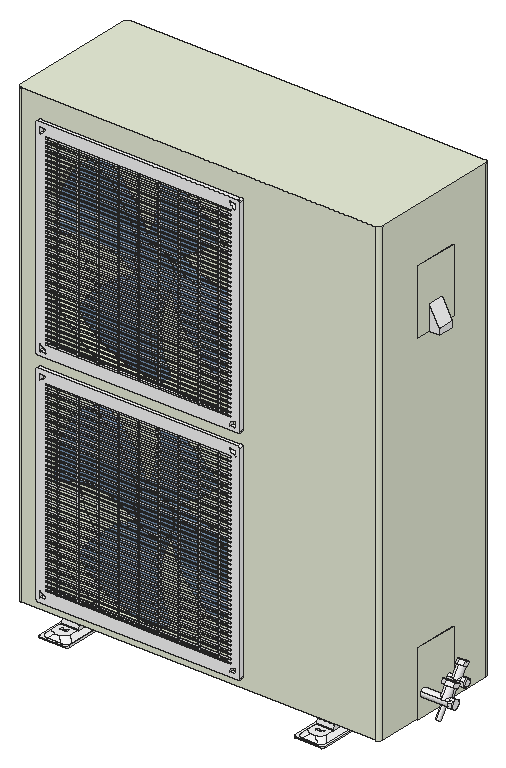
Revit family "SYSCOOL FLOOR 60 HP R, наружный  блок", category Оборудование, Revit 2019
Family settings
  Размер круглого соединителя = Использовать диаметр
  Тип детали = Нормальный
  Номер OmniClass = 23.75.00.00
  Заголовок OmniClass = Climate Control (HVAC)
  На основе рабочей плоскости = Нет
  Всегда вертикально = Да
  При загрузке вырезать с полостями = Нет
  Общий = Нет
  Точка расчета площади = Нет
Parameters (values of type "MODU-55HN1-R")
  clearance access right = 600.000 mm
  clearance access left = 300.000 mm
  clearance access front = 2000.000 mm
  clearance access behind = 300.000 mm
  clearance [instance] = no
  Width = 946.000 mm
  Series = ""
  Power supply = "380-415V,3Ph,50Hz"
  Net Weight = 99.70 kg
  Группа модели = "MODU-55HN1-R"
  Minimum Circuit Amps = 12.6 A
  Min cable selection (power wiring) = "5x2.5"
  Maximum Fuse Amps = 25 A
  Liquid pipe Radius = 0.5 * Liquid pipe  # 4.760 mm
  Liquid pipe = 9.520 mm
  Installation = "Outdoor installation"
  Height = 810.000 mm
  Heating Power Input = 0.00 kW
  Gas pipe Radius = 0.5 * Gas pipe  # 7.950 mm
  Gas pipe = 15.900 mm
  Gas = "R410A"
  Depth = 410.000 mm
  Cooling Power Input = 0.00 kW
  Condensation = ""
  Compressor = "1"
  Casing color = "SB2098"
  Air Flow = 3800.00 m³/h
Reference planes
  plane 1 "Center (Front/Back)": y = 0
  plane 2: z = 0
  plane 3 "Center (Left/Right)": x = 0
  plane 4: y = 170
  plane 5: x = -450
  plane 6: x = 450
  plane 7: z = 406.5
  plane 8: z = 300.608
  plane 9: z = 578.117
  plane 10: z = 1170
  plane 11: x = 535
  plane 12: x = -122.998
  plane 13: y = -180
  plane 14: y = -55
  plane 15: y = 55
  plane 16: y = -55
  plane 17: y = 55
Forms (mm)
  Extrusion 1, solid, material "Galvanized Steel", detail levels medium+fine
    sketch origin (-463, 0, 789) x (1, 0, 0) y (0, 1, 0)
      loop
        arc (23, 170) -> (15.929, 167.071) -> (13, 160) r 10
        line (13, 160) -> (13, -160)
        arc (13, -160) -> (15.929, -167.071) -> (23, -170) r 10
        line (23, -170) -> (903, -170)
        arc (903, -170) -> (910.071, -167.071) -> (913, -160) r 10
        line (913, -160) -> (913, 160)
        arc (913, 160) -> (910.071, 167.071) -> (903, 170) r 10
        line (903, 170) -> (23, 170)
    from -765 to 381
  Extrusion 2, void
    sketch origin (-20, 0, -100) x (1, 0, 0) y (0, 0, 1)
      loop
        circle (-122.999, 406.499) r 250
    from 58.354 to 277.34
  Extrusion 3, void
    sketch origin (0, 0, 0) x (0, 1, 0) y (0, 0, 1)
      loop
        line (-160, 592.5) -> (-160, 552.5) -> (-148.009, 552.5) -> (-130, 570.509) -> (-130, 592.5) -> (-160, 592.5)
    from 258.52 to 338.52
  Extrusion 4, void
    sketch origin (0, 0, 105) x (1, 0, 0) y (0, 0, 1)
      loop
        line (248.678, 292.949) -> (378.678, 292.949)
        arc (378.678, 292.949) -> (388.678, 302.949) -> (378.678, 312.949) r 10
        line (378.678, 312.949) -> (248.678, 312.949)
        arc (248.678, 312.949) -> (238.678, 302.949) -> (248.678, 292.949) r 10
    from 142.922 to 160
  Extrusion 5, void
    sketch origin (0, 0, -15) x (1, 0, 0) y (0, 0, 1)
      loop
        line (248.678, 292.949) -> (378.678, 292.949)
        arc (378.678, 292.949) -> (388.678, 302.949) -> (378.678, 312.949) r 10
        line (378.678, 312.949) -> (248.678, 312.949)
        arc (248.678, 312.949) -> (238.678, 302.949) -> (248.678, 292.949) r 10
    from 142.922 to 160
  Extrusion 6, void
    sketch origin (0, 0, -145) x (1, 0, 0) y (0, 0, 1)
      loop
        line (258.678, 272.949) -> (368.678, 272.949)
        arc (368.678, 272.949) -> (388.678, 292.949) -> (368.678, 312.949) r 20
        line (368.678, 312.949) -> (258.678, 312.949)
        arc (258.678, 312.949) -> (238.678, 292.949) -> (258.678, 272.949) r 20
    from 142.922 to 160
  Extrusion 7, void
    sketch origin (-20, 0, 450) x (1, 0, 0) y (0, 0, 1)
      loop
        circle (-122.999, 406.499) r 250
    from 58.354 to 277.34
  Extrusion 8, solid, material "Galvanized Steel", detail levels fine
    sketch origin (0, 0, 0) x (0, 1, 0) y (0, 0, 1)
      loop
        line (-55, 1035.722) -> (-55, 875.722) -> (55, 875.722) -> (55, 1035.722) -> (-55, 1035.722)
    from 450 to 454
  Extrusion 9, solid, material "HXL White", detail levels fine
    sketch origin (0, 0, 0) x (1, 0, 0) y (0, 0, 1)
      loop
        line (450, 875.722) -> (480, 875.722) -> (480, 890.722) -> (454, 938.222) -> (450, 938.222) -> (450, 875.722)
    from -19 to 20
  Extrusion 10, solid, material "Galvanized Steel", detail levels fine
    sketch origin (0, 0, -851.722) x (0, 1, 0) y (0, 0, 1)
      loop
        line (-55, 1035.722) -> (-55, 875.722) -> (55, 875.722) -> (55, 1035.722) -> (-55, 1035.722)
    from 450 to 454
Cuts and joins
  Extrusion 2, Extrusion 3, Extrusion 4, Extrusion 5, Extrusion 6, Extrusion 7 cuts Extrusion 1
Lines and regions (mm)
  model lines
    curve 1: line (440, 170, 1170) -> (-440, 170, 1170)
    curve 2: line (450, -160, 1170) -> (450, 160, 1170)
    curve 3: arc (440, -170, 1170) -> (447.071, -167.071, 1170) -> (450, -160, 1170) r 10
    curve 4: line (-440, -170, 1170) -> (440, -170, 1170)
    curve 5: arc (-450, -160, 1170) -> (-447.071, -167.071, 1170) -> (-440, -170, 1170) r 10
    curve 6: line (-450, 160, 1170) -> (-450, -160, 1170)
    curve 7: arc (-440, 170, 1170) -> (-447.071, 167.071, 1170) -> (-450, 160, 1170) r 10
    curve 8: line (-440, -170, 24) -> (440, -170, 24)
    curve 9: arc (440, -170, 24) -> (447.071, -167.071, 24) -> (450, -160, 24) r 10
    curve 10: line (450, -160, 24) -> (450, 160, 24)
    curve 11: arc (450, 160, 24) -> (447.071, 167.071, 24) -> (440, 170, 24) r 10
    curve 12: line (440, 170, 24) -> (-440, 170, 24)
    curve 13: arc (-440, 170, 24) -> (-447.071, 167.071, 24) -> (-450, 160, 24) r 10
    curve 14: line (-450, 160, 24) -> (-450, -160, 24)
    curve 15: arc (-450, -160, 24) -> (-447.071, -167.071, 24) -> (-440, -170, 24) r 10
    curve 56: arc (450, 160, 1170) -> (447.071, 167.071, 1170) -> (440, 170, 1170) r 10
    curve 57: line (188, -170.5, 1170) -> (408, -170.5, 1170)
  model lines, detail levels fine
    curve 16: line (199.722, -170, 166.246) -> (359.722, -170, 166.246)
    curve 17: line (199.722, -170, 201.246) -> (359.722, -170, 201.246)
    curve 18: arc (359.722, -170, 201.246) -> (377.222, -170, 183.746) -> (359.722, -170, 166.246) r 17.5
    curve 19: arc (199.722, -170, 201.246) -> (182.222, -170, 183.746) -> (199.722, -170, 166.246) r 17.5
    curve 20: line (199.722, -170, 246.246) -> (359.722, -170, 246.246)
    curve 21: line (199.722, -170, 281.246) -> (359.722, -170, 281.246)
    curve 22: arc (359.722, -170, 281.246) -> (377.222, -170, 263.746) -> (359.722, -170, 246.246) r 17.5
    curve 23: arc (199.722, -170, 281.246) -> (182.222, -170, 263.746) -> (199.722, -170, 246.246) r 17.5
    curve 24: line (199.722, -170, 326.246) -> (359.722, -170, 326.246)
    curve 25: line (199.722, -170, 361.246) -> (359.722, -170, 361.246)
    curve 26: arc (359.722, -170, 361.246) -> (377.222, -170, 343.746) -> (359.722, -170, 326.246) r 17.5
    curve 27: arc (199.722, -170, 361.246) -> (182.222, -170, 343.746) -> (199.722, -170, 326.246) r 17.5
    curve 28: line (199.722, -170, 406.246) -> (359.722, -170, 406.246)
    curve 29: line (199.722, -170, 441.246) -> (359.722, -170, 441.246)
    curve 30: arc (359.722, -170, 441.246) -> (377.222, -170, 423.746) -> (359.722, -170, 406.246) r 17.5
    curve 31: arc (199.722, -170, 441.246) -> (182.222, -170, 423.746) -> (199.722, -170, 406.246) r 17.5
    curve 32: line (199.722, -170, 486.246) -> (359.722, -170, 486.246)
    curve 33: line (199.722, -170, 521.246) -> (359.722, -170, 521.246)
    curve 34: arc (359.722, -170, 521.246) -> (377.222, -170, 503.746) -> (359.722, -170, 486.246) r 17.5
    curve 35: arc (199.722, -170, 521.246) -> (182.222, -170, 503.746) -> (199.722, -170, 486.246) r 17.5
    curve 36: line (199.722, -170, 566.246) -> (279.722, -170, 566.246)
    curve 37: line (199.722, -170, 601.246) -> (279.722, -170, 601.246)
    curve 38: arc (279.722, -170, 601.246) -> (297.222, -170, 583.746) -> (279.722, -170, 566.246) r 17.5
    curve 39: arc (199.722, -170, 601.246) -> (182.222, -170, 583.746) -> (199.722, -170, 566.246) r 17.5
    curve 40: line (199.722, -170, 646.246) -> (359.722, -170, 646.246)
    curve 41: line (199.722, -170, 681.246) -> (359.722, -170, 681.246)
    curve 42: arc (359.722, -170, 681.246) -> (377.222, -170, 663.746) -> (359.722, -170, 646.246) r 17.5
    curve 43: arc (199.722, -170, 681.246) -> (182.222, -170, 663.746) -> (199.722, -170, 646.246) r 17.5
    curve 44: line (199.722, -170, 726.246) -> (359.722, -170, 726.246)
    curve 45: line (199.722, -170, 761.246) -> (359.722, -170, 761.246)
    curve 46: arc (359.722, -170, 761.246) -> (377.222, -170, 743.746) -> (359.722, -170, 726.246) r 17.5
    curve 47: arc (199.722, -170, 761.246) -> (182.222, -170, 743.746) -> (199.722, -170, 726.246) r 17.5
    curve 48: line (377.222, -170, 596.246) -> (377.222, -170, 571.246)
    curve 49: line (312.222, -170, 601.246) -> (372.222, -170, 601.246)
    curve 50: line (312.222, -170, 566.246) -> (372.222, -170, 566.246)
    curve 51: line (307.222, -170, 596.246) -> (307.222, -170, 571.246)
    curve 52: arc (377.222, -170, 596.246) -> (375.757, -170, 599.782) -> (372.222, -170, 601.246) r 5
    curve 53: arc (377.222, -170, 571.246) -> (375.757, -170, 567.711) -> (372.222, -170, 566.246) r 5
    curve 54: arc (312.222, -170, 601.246) -> (308.686, -170, 599.782) -> (307.222, -170, 596.246) r 5
    curve 55: arc (307.222, -170, 571.246) -> (308.686, -170, 567.711) -> (312.222, -170, 566.246) r 5
Dimensions and locks
  aligned and locked: level to plane 2
Nested families
  nested 1: "xiaodijia2" at (318, 0, 0), type "xiaodijia2", detail levels medium+fine
  nested 2: "xiaodijia2" at (-318, 0.725, 0), type "xiaodijia2", detail levels medium+fine
  nested 3: "service space" at (-450, 170, 0), visible <- "clearance", type "Midea Service  Space"
    with Width 985.000 mm, Height 1170.000 mm, Depth 300.000 mm
  nested 4: "service space" at (535, -180, 0), visible <- "clearance", type "Midea Service  Space"
    with Width 600.000 mm, Height 1170.000 mm, Depth 350.000 mm
  nested 5: "service space" at (-750, -180, 0), visible <- "clearance", type "Midea Service  Space"
    with Width 300.000 mm, Height 1170.000 mm, Depth 350.000 mm
  nested 6: "service space" at (-450, -2180, 0), visible <- "clearance", type "Midea Service  Space"
    with Width 985.000 mm, Height 1170.000 mm, Depth 2000.000 mm
  nested 7: "fengkou521-506" at (-143, -180, 306.5) x (1, 0, 0) z (0, 1, 0), type "fengkou521-506", detail levels medium+fine
  nested 8: "fengshan270" at (-142.996, -100, 306.5) x (0, 0, 1) z (0, -1, 0), type "fengshan270", detail levels fine
  nested 9: "fengkou521-506" at (-143, -180, 856.5) x (1, 0, 0) z (0, 1, 0), type "fengkou521-506", detail levels medium+fine
  nested 10: "fengshan270" at (-142.996, -100, 856.5) x (0, 0, 1) z (0, -1, 0), type "fengshan270", detail levels fine
  nested 11: "guan_HXL" at (495, -40, 80) x (0, 0.866, -0.5) z (0, 0.5, 0.866), type "guan_HXL", detail levels fine
    with luomukuandu2 30.000 mm, luomukuandu 20.000 mm, luomuhoudu2 10.000 mm, luomuhoudu 10.000 mm, diameter2 20.000 mm, diameter 20.000 mm, Length2 40.000 mm, Length 85.000 mm
  nested 12: "guan_HXL" at (460, 40, 80) x (0, -0.866, 0.5) z (0, 0.5, 0.866), type "guan_HXL", detail levels fine
    with luomukuandu2 20.000 mm, luomukuandu 20.000 mm, luomuhoudu2 10.000 mm, luomuhoudu 10.000 mm, diameter2 18.000 mm, diameter 15.000 mm, Length2 40.000 mm, Length 50.000 mm
Connectors
  piping at (500, 40, 80), diameter 15
    settings: on nested 12, index 1, connector inside diameter 0.59055", connector length 0.000 mm, flow factor 0, pipe flow 0 GPM, pressure drop 0.00 psi, fitting loss kfactor 0, connector angle 0.00°, fixture units 0, engagement length 0.000 mm, angle of deflection 0.00°, flow configuration 0, flow direction 0, fitting loss method 0, system type 7, joint type 0, gender type 0, connector reference index -1, connector utility 0, adjustable connector no, is connector primary yes, connector description ""
  piping at (535, -40, 80), diameter 20
    settings: on nested 11, index 2, connector inside diameter 0.7874", connector length 0.000 mm, flow factor 0, pipe flow 0 GPM, pressure drop 0.00 psi, fitting loss kfactor 0, connector angle 0.00°, fixture units 0, engagement length 0.000 mm, angle of deflection 0.00°, flow configuration 0, flow direction 0, fitting loss method 0, system type 7, joint type 0, gender type 0, connector reference index -1, connector utility 0, adjustable connector no, is connector primary no, connector description ""
  electrical at (450, 0, 955.722)
    settings: on Extrusion 8, index 3, voltage 380 V, apparent load 0 VA, apparent load phase1 0 VA, apparent load phase2 0 VA, apparent load phase3 0 VA, power factor 1, load classification "HVAC", number of poles 1, system type 30, power factor state 1, is connector primary yes, connector utility no, sub classification motor no, connector description ""
Definition of nested family "xiaodijia2"
  Reference planes
    plane 1 "Center (Front/Back)": y = 0
    plane 2: z = 0
    plane 3 "Center (Left/Right)": x = 0
    plane 4: y = 227
    plane 5: x = -36.5
    plane 6: x = 36.5
    plane 7: z = 12
    plane 8: z = 3
    plane 9: z = 24
    plane 10: y = -20
    plane 11: y = 20
    plane 12: x = 21.5
    plane 13: x = -21.5
    plane 14: y = 190
    plane 15: y = -190
    plane 16: x = -6
    plane 17: x = 6
    plane 18: y = -186
    plane 19: y = -194
  Forms (mm)
    Blend 1, solid
      base sketch origin (0, 0, 0) x (1, 0, 0) y (0, 1, 0)
        loop
          line (6.5, 212) -> (-6.5, 212)
          arc (-6.5, 212) -> (-17.107, 207.607) -> (-21.5, 197) r 15
          line (-21.5, 197) -> (-21.5, -197)
          arc (-21.5, -197) -> (-17.107, -207.607) -> (-6.5, -212) r 15
          line (-6.5, -212) -> (6.5, -212)
          arc (6.5, -212) -> (17.107, -207.607) -> (21.5, -197) r 15
          line (21.5, -197) -> (21.5, 197)
          arc (21.5, 197) -> (17.107, 207.607) -> (6.5, 212) r 15
      top sketch origin (0, 0, 0) x (1, 0, 0) y (0, 1, 0)
        loop
          line (26.5, 222) -> (-26.5, 222)
          arc (-26.5, 222) -> (-30.036, 220.536) -> (-31.5, 217) r 5
          line (-31.5, 217) -> (-31.5, -207)
          arc (-31.5, -207) -> (-27.107, -217.607) -> (-16.5, -222) r 15
          line (-16.5, -222) -> (16.5, -222)
          arc (16.5, -222) -> (27.107, -217.607) -> (31.5, -207) r 15
          line (31.5, -207) -> (31.5, 217)
          arc (31.5, 217) -> (30.036, 220.536) -> (26.5, 222) r 5
      from 12 to 3
    Blend 2, void
      base sketch origin (0, 0, 0) x (1, 0, 0) y (0, 1, 0)
        loop
          line (6.5, 202) -> (-6.5, 202)
          arc (-6.5, 202) -> (-10.036, 200.536) -> (-11.5, 197) r 5
          line (-11.5, 197) -> (-11.5, -197)
          arc (-11.5, -197) -> (-10.036, -200.536) -> (-6.5, -202) r 5
          line (-6.5, -202) -> (6.5, -202)
          arc (6.5, -202) -> (10.036, -200.536) -> (11.5, -197) r 5
          line (11.5, -197) -> (11.5, 197)
          arc (11.5, 197) -> (10.036, 200.536) -> (6.5, 202) r 5
      top sketch origin (0, 0, 0) x (1, 0, 0) y (0, 1, 0)
        loop
          line (31.5, -207) -> (31.5, 217)
          arc (31.5, 217) -> (30.036, 220.536) -> (26.5, 222) r 5
          line (26.5, 222) -> (-26.5, 222)
          arc (-26.5, 222) -> (-30.036, 220.536) -> (-31.5, 217) r 5
          line (-31.5, 217) -> (-31.5, -207)
          arc (-31.5, -207) -> (-27.107, -217.607) -> (-16.5, -222) r 15
          line (-16.5, -222) -> (16.5, -222)
          arc (16.5, -222) -> (27.107, -217.607) -> (31.5, -207) r 15
      from 8.355 to 3
    Extrusion 3, solid
      sketch origin (0, 0, 0) x (1, 0, 0) y (0, 1, 0)
        loop
          arc (-31.5, 227) -> (-35.036, 225.536) -> (-36.5, 222) r 5
          line (-36.5, 222) -> (-36.5, -222)
          arc (-36.5, -222) -> (-35.036, -225.536) -> (-31.5, -227) r 5
          line (-31.5, -227) -> (31.5, -227)
          arc (31.5, -227) -> (35.036, -225.536) -> (36.5, -222) r 5
          line (36.5, -222) -> (36.5, 222)
          arc (36.5, 222) -> (35.036, 225.536) -> (31.5, 227) r 5
          line (31.5, 227) -> (-31.5, 227)
        loop
          arc (-26.5, 222) -> (-30.036, 220.536) -> (-31.5, 217) r 5
          line (-31.5, 217) -> (-31.5, -207)
          arc (-31.5, -207) -> (-27.107, -217.607) -> (-16.5, -222) r 15
          line (-16.5, -222) -> (16.5, -222)
          arc (16.5, -222) -> (27.107, -217.607) -> (31.5, -207) r 15
          line (31.5, -207) -> (31.5, 217)
          arc (31.5, 217) -> (30.036, 220.536) -> (26.5, 222) r 5
          line (26.5, 222) -> (-26.5, 222)
      from 0 to 3
    Extrusion 4, solid
      sketch origin (0, 0, 0) x (0, 1, 0) y (0, 0, 1)
        loop
          arc (-19.275, 24) -> (-19.902, 23.667) -> (-20.264, 23.056) r 1.312
          line (-20.264, 23.056) -> (-22.833, 13.434)
          arc (-22.833, 13.434) -> (-23.437, 12.605) -> (-24.266, 12) r 3.318
          line (-24.266, 12) -> (24.266, 12)
          arc (24.266, 12) -> (23.437, 12.605) -> (22.833, 13.434) r 3.318
          line (22.833, 13.434) -> (20.264, 23.056)
          arc (20.264, 23.056) -> (19.902, 23.667) -> (19.275, 24) r 1.312
          line (19.275, 24) -> (-19.275, 24)
      from -21.5 to 21.5
    Extrusion 5, solid
      sketch origin (0, 150, 0) x (0, 1, 0) y (0, 0, 1)
        loop
          arc (-19.275, 24) -> (-19.902, 23.667) -> (-20.264, 23.056) r 1.312
          line (-20.264, 23.056) -> (-22.833, 13.434)
          arc (-22.833, 13.434) -> (-23.437, 12.605) -> (-24.266, 12) r 3.318
          line (-24.266, 12) -> (24.266, 12)
          arc (24.266, 12) -> (23.437, 12.605) -> (22.833, 13.434) r 3.318
          line (22.833, 13.434) -> (20.264, 23.056)
          arc (20.264, 23.056) -> (19.902, 23.667) -> (19.275, 24) r 1.312
          line (19.275, 24) -> (-19.275, 24)
      from -21.5 to 21.5
    Extrusion 6, solid
      sketch origin (0, -150, 0) x (0, 1, 0) y (0, 0, 1)
        loop
          arc (-19.275, 24) -> (-19.902, 23.667) -> (-20.264, 23.056) r 1.312
          line (-20.264, 23.056) -> (-22.833, 13.434)
          arc (-22.833, 13.434) -> (-23.437, 12.605) -> (-24.266, 12) r 3.318
          line (-24.266, 12) -> (24.266, 12)
          arc (24.266, 12) -> (23.437, 12.605) -> (22.833, 13.434) r 3.318
          line (22.833, 13.434) -> (20.264, 23.056)
          arc (20.264, 23.056) -> (19.902, 23.667) -> (19.275, 24) r 1.312
          line (19.275, 24) -> (-19.275, 24)
      from -21.5 to 21.5
    Extrusion 7, void
      sketch origin (0, 0, 0) x (1, 0, 0) y (0, 1, 0)
        loop
          arc (-6, -186) -> (-10, -190) -> (-6, -194) r 4
          line (-6, -194) -> (6, -194)
          arc (6, -194) -> (10, -190) -> (6, -186) r 4
          line (6, -186) -> (-6, -186)
        loop
          line (-6, 186) -> (6, 186)
          arc (6, 186) -> (10, 190) -> (6, 194) r 4
          line (6, 194) -> (-6, 194)
          arc (-6, 194) -> (-10, 190) -> (-6, 186) r 4
      from 0 to 20
  Cuts and joins
    Blend 2, Extrusion 7 cuts Blend 1
  Dimensions and locks
    aligned and locked: level to plane 2
Definition of nested family "service space"
  Parameters
    Width [instance] = 500.000 mm
    Height [instance] = 500.000 mm
    Depth [instance] = 500.000 mm
  Reference planes
    plane 1 "Center (Front/Back)": y = 0
    plane 2: z = 0
    plane 3 "Center (Left/Right)": x = 0
    plane 4: z = 500
    plane 5: y = 500
    plane 6: x = 500
  Forms (mm)
    Extrusion 1, solid
      sketch origin (0, 0, 0) x (1, 0, 0) y (0, 1, 0)
        loop
          line (0, 500) -> (0, 0) -> (500, 0) -> (500, 500) -> (0, 500)
      from 0 to 500
  Dimensions and locks
    "Width": plane 3 "Center (Left/Right)" to plane 6
    "Depth": plane 5 to plane 1 "Center (Front/Back)"
    "Height": level to plane 4
    aligned and locked: level to plane 2
    aligned and locked: plane 5 to Extrusion 1
    aligned and locked: Extrusion 1 to plane 6
    aligned and locked: Extrusion 1 to plane 3 "Center (Left/Right)"
    aligned and locked: plane 1 "Center (Front/Back)" to Extrusion 1
    aligned and locked: Extrusion 1 to plane 4
  Automatic sketch dimensions
    Extrusion 1 sketch curve to plane 3 "Center (Left/Right)" = 0.000 mm
    plane 1 "Center (Front/Back)" to Extrusion 1 sketch curve = 0.000 mm
    Extrusion 1 sketch curve to plane 6 = 0.000 mm
    Extrusion 1 sketch curve to plane 5 = 0.000 mm
Definition of nested family "fengkou521-506"
  Parameters
    Series = ""
    Machine material = none
    Installation = ""
    Gas = ""
    Condensation = ""
  Reference planes
    plane 1 "Center (Front/Back)": y = 0
    plane 2: z = 0
    plane 3 "Center (Left/Right)": x = 0
    plane 4: y = 260.5
    plane 5: y = -260.5
    plane 6: x = -254
    plane 7: x = 254
  Forms (mm)
    Extrusion 1, solid, material <- "Machine material"
      sketch origin (0, 0, 0) x (1, 0, 0) y (0, 1, 0)
        loop
          arc (-249, 260.5) -> (-252.536, 259.036) -> (-254, 255.5) r 5
          line (-254, 255.5) -> (-254, -255.5)
          arc (-254, -255.5) -> (-252.536, -259.036) -> (-249, -260.5) r 5
          line (-249, -260.5) -> (249, -260.5)
          arc (249, -260.5) -> (252.536, -259.036) -> (254, -255.5) r 5
          line (254, -255.5) -> (254, 255.5)
          arc (254, 255.5) -> (252.536, 259.036) -> (249, 260.5) r 5
          line (249, 260.5) -> (-249, 260.5)
        loop
          line (224, 230.5) -> (-224, 230.5) -> (-224, -230.5) -> (224, -230.5) -> (224, 230.5)
      from 0 to 10
    Extrusion 2, solid, material <- "Machine material"
      sketch origin (0, 0, 0) x (0, -1, 0) y (1, 0, 0)
        loop
          line (-1.5, 230.5) -> (-1.5, -230.5) -> (1.5, -230.5) -> (1.5, 230.5) -> (-1.5, 230.5)
      from 0 to 2
    Extrusion 3, solid, material <- "Machine material"
      sketch origin (50, 0, 0) x (1, 0, 0) y (0, 1, 0)
        loop
          line (-1.5, 230.5) -> (-1.5, -230.5) -> (1.5, -230.5) -> (1.5, 230.5) -> (-1.5, 230.5)
      from 0 to 2
    Extrusion 4, solid, material <- "Machine material"
      sketch origin (100, 0, 0) x (1, 0, 0) y (0, 1, 0)
        loop
          line (-1.5, 230.5) -> (-1.5, -230.5) -> (1.5, -230.5) -> (1.5, 230.5) -> (-1.5, 230.5)
      from 0 to 2
    Extrusion 5, solid, material <- "Machine material"
      sketch origin (150, 0, 0) x (1, 0, 0) y (0, 1, 0)
        loop
          line (-1.5, 230.5) -> (-1.5, -230.5) -> (1.5, -230.5) -> (1.5, 230.5) -> (-1.5, 230.5)
      from 0 to 2
    Extrusion 6, solid, material <- "Machine material"
      sketch origin (200, 0, 0) x (1, 0, 0) y (0, 1, 0)
        loop
          line (-1.5, 230.5) -> (-1.5, -230.5) -> (1.5, -230.5) -> (1.5, 230.5) -> (-1.5, 230.5)
      from 0 to 2
    Extrusion 7, solid, material <- "Machine material"
      sketch origin (-50, 0, 0) x (-1, 0, 0) y (0, -1, 0)
        loop
          line (-1.5, -230.5) -> (1.5, -230.5) -> (1.5, 230.5) -> (-1.5, 230.5) -> (-1.5, -230.5)
      from 0 to 2
    Extrusion 8, solid, material <- "Machine material"
      sketch origin (-100, 0, 0) x (-1, 0, 0) y (0, -1, 0)
        loop
          line (-1.5, -230.5) -> (1.5, -230.5) -> (1.5, 230.5) -> (-1.5, 230.5) -> (-1.5, -230.5)
      from 0 to 2
    Extrusion 9, solid, material <- "Machine material"
      sketch origin (-150, 0, 0) x (-1, 0, 0) y (0, -1, 0)
        loop
          line (-1.5, -230.5) -> (1.5, -230.5) -> (1.5, 230.5) -> (-1.5, 230.5) -> (-1.5, -230.5)
      from 0 to 2
    Extrusion 10, solid, material <- "Machine material"
      sketch origin (-200, 0, 0) x (-1, 0, 0) y (0, -1, 0)
        loop
          line (-1.5, -230.5) -> (1.5, -230.5) -> (1.5, 230.5) -> (-1.5, 230.5) -> (-1.5, -230.5)
      from 0 to 2
    Extrusion 11, solid, material <- "Machine material"
      sketch origin (0, 0, 0) x (1, 0, 0) y (0, 1, 0)
        loop
          line (-1.5, 230.5) -> (-1.5, -230.5) -> (1.5, -230.5) -> (1.5, 230.5) -> (-1.5, 230.5)
      from 0 to 2
    Extrusion 12, solid, material <- "Machine material"
      sketch origin (0, 10, 0) x (0, -1, 0) y (1, 0, 0)
        loop
          line (-1.5, 230.5) -> (-1.5, -230.5) -> (1.5, -230.5) -> (1.5, 230.5) -> (-1.5, 230.5)
      from 0 to 2
    Extrusion 13, solid, material <- "Machine material"
      sketch origin (0, 20, 0) x (0, -1, 0) y (1, 0, 0)
        loop
          line (-1.5, 230.5) -> (-1.5, -230.5) -> (1.5, -230.5) -> (1.5, 230.5) -> (-1.5, 230.5)
      from 0 to 2
    Extrusion 14, solid, material <- "Machine material"
      sketch origin (0, 30, 0) x (0, -1, 0) y (1, 0, 0)
        loop
          line (-1.5, 230.5) -> (-1.5, -230.5) -> (1.5, -230.5) -> (1.5, 230.5) -> (-1.5, 230.5)
      from 0 to 2
    Extrusion 15, solid, material <- "Machine material"
      sketch origin (0, 40, 0) x (0, -1, 0) y (1, 0, 0)
        loop
          line (-1.5, 230.5) -> (-1.5, -230.5) -> (1.5, -230.5) -> (1.5, 230.5) -> (-1.5, 230.5)
      from 0 to 2
    Extrusion 16, solid, material <- "Machine material"
      sketch origin (0, 50, 0) x (0, -1, 0) y (1, 0, 0)
        loop
          line (-1.5, 230.5) -> (-1.5, -230.5) -> (1.5, -230.5) -> (1.5, 230.5) -> (-1.5, 230.5)
      from 0 to 2
    Extrusion 17, solid, material <- "Machine material"
      sketch origin (0, 60, 0) x (0, -1, 0) y (1, 0, 0)
        loop
          line (-1.5, 230.5) -> (-1.5, -230.5) -> (1.5, -230.5) -> (1.5, 230.5) -> (-1.5, 230.5)
      from 0 to 2
    Extrusion 18, solid, material <- "Machine material"
      sketch origin (0, 70, 0) x (0, -1, 0) y (1, 0, 0)
        loop
          line (-1.5, 230.5) -> (-1.5, -230.5) -> (1.5, -230.5) -> (1.5, 230.5) -> (-1.5, 230.5)
      from 0 to 2
    Extrusion 19, solid, material <- "Machine material"
      sketch origin (0, 80, 0) x (0, -1, 0) y (1, 0, 0)
        loop
          line (-1.5, 230.5) -> (-1.5, -230.5) -> (1.5, -230.5) -> (1.5, 230.5) -> (-1.5, 230.5)
      from 0 to 2
    Extrusion 20, solid, material <- "Machine material"
      sketch origin (0, 90, 0) x (0, -1, 0) y (1, 0, 0)
        loop
          line (-1.5, 230.5) -> (-1.5, -230.5) -> (1.5, -230.5) -> (1.5, 230.5) -> (-1.5, 230.5)
      from 0 to 2
    Extrusion 21, solid, material <- "Machine material"
      sketch origin (0, 100, 0) x (0, -1, 0) y (1, 0, 0)
        loop
          line (-1.5, 230.5) -> (-1.5, -230.5) -> (1.5, -230.5) -> (1.5, 230.5) -> (-1.5, 230.5)
      from 0 to 2
    Extrusion 22, solid, material <- "Machine material"
      sketch origin (0, 110, 0) x (0, -1, 0) y (1, 0, 0)
        loop
          line (-1.5, 230.5) -> (-1.5, -230.5) -> (1.5, -230.5) -> (1.5, 230.5) -> (-1.5, 230.5)
      from 0 to 2
    Extrusion 23, solid, material <- "Machine material"
      sketch origin (0, 120, 0) x (0, -1, 0) y (1, 0, 0)
        loop
          line (-1.5, 230.5) -> (-1.5, -230.5) -> (1.5, -230.5) -> (1.5, 230.5) -> (-1.5, 230.5)
      from 0 to 2
    Extrusion 24, solid, material <- "Machine material"
      sketch origin (0, 130, 0) x (0, -1, 0) y (1, 0, 0)
        loop
          line (-1.5, 230.5) -> (-1.5, -230.5) -> (1.5, -230.5) -> (1.5, 230.5) -> (-1.5, 230.5)
      from 0 to 2
    Extrusion 25, solid, material <- "Machine material"
      sketch origin (0, 140, 0) x (0, -1, 0) y (1, 0, 0)
        loop
          line (-1.5, 230.5) -> (-1.5, -230.5) -> (1.5, -230.5) -> (1.5, 230.5) -> (-1.5, 230.5)
      from 0 to 2
    Extrusion 26, solid, material <- "Machine material"
      sketch origin (0, 150, 0) x (0, -1, 0) y (1, 0, 0)
        loop
          line (-1.5, 230.5) -> (-1.5, -230.5) -> (1.5, -230.5) -> (1.5, 230.5) -> (-1.5, 230.5)
      from 0 to 2
    Extrusion 27, solid, material <- "Machine material"
      sketch origin (0, 160, 0) x (0, -1, 0) y (1, 0, 0)
        loop
          line (-1.5, 230.5) -> (-1.5, -230.5) -> (1.5, -230.5) -> (1.5, 230.5) -> (-1.5, 230.5)
      from 0 to 2
    Extrusion 28, solid, material <- "Machine material"
      sketch origin (0, 170, 0) x (0, -1, 0) y (1, 0, 0)
        loop
          line (-1.5, 230.5) -> (-1.5, -230.5) -> (1.5, -230.5) -> (1.5, 230.5) -> (-1.5, 230.5)
      from 0 to 2
    Extrusion 29, solid, material <- "Machine material"
      sketch origin (0, 180, 0) x (0, -1, 0) y (1, 0, 0)
        loop
          line (-1.5, 230.5) -> (-1.5, -230.5) -> (1.5, -230.5) -> (1.5, 230.5) -> (-1.5, 230.5)
      from 0 to 2
    Extrusion 30, solid, material <- "Machine material"
      sketch origin (0, 190, 0) x (0, -1, 0) y (1, 0, 0)
        loop
          line (-1.5, 230.5) -> (-1.5, -230.5) -> (1.5, -230.5) -> (1.5, 230.5) -> (-1.5, 230.5)
      from 0 to 2
    Extrusion 31, solid, material <- "Machine material"
      sketch origin (0, 200, 0) x (0, -1, 0) y (1, 0, 0)
        loop
          line (-1.5, 230.5) -> (-1.5, -230.5) -> (1.5, -230.5) -> (1.5, 230.5) -> (-1.5, 230.5)
      from 0 to 2
    Extrusion 32, solid, material <- "Machine material"
      sketch origin (0, 210, 0) x (0, -1, 0) y (1, 0, 0)
        loop
          line (-1.5, 230.5) -> (-1.5, -230.5) -> (1.5, -230.5) -> (1.5, 230.5) -> (-1.5, 230.5)
      from 0 to 2
    Extrusion 33, solid, material <- "Machine material"
      sketch origin (0, 220, 0) x (0, -1, 0) y (1, 0, 0)
        loop
          line (-1.5, 230.5) -> (-1.5, -230.5) -> (1.5, -230.5) -> (1.5, 230.5) -> (-1.5, 230.5)
      from 0 to 2
    Extrusion 34, solid, material <- "Machine material"
      sketch origin (0, 230, 0) x (0, -1, 0) y (1, 0, 0)
        loop
          line (-1.5, 230.5) -> (-1.5, -230.5) -> (1.5, -230.5) -> (1.5, 230.5) -> (-1.5, 230.5)
      from 0 to 2
    Extrusion 35, solid, material <- "Machine material"
      sketch origin (0, -10, 0) x (0, 1, 0) y (-1, 0, 0)
        loop
          line (-1.5, -230.5) -> (1.5, -230.5) -> (1.5, 230.5) -> (-1.5, 230.5) -> (-1.5, -230.5)
      from 0 to 2
    Extrusion 36, solid, material <- "Machine material"
      sketch origin (0, -20, 0) x (0, 1, 0) y (-1, 0, 0)
        loop
          line (-1.5, -230.5) -> (1.5, -230.5) -> (1.5, 230.5) -> (-1.5, 230.5) -> (-1.5, -230.5)
      from 0 to 2
    Extrusion 37, solid, material <- "Machine material"
      sketch origin (0, -30, 0) x (0, 1, 0) y (-1, 0, 0)
        loop
          line (-1.5, -230.5) -> (1.5, -230.5) -> (1.5, 230.5) -> (-1.5, 230.5) -> (-1.5, -230.5)
      from 0 to 2
    Extrusion 38, solid, material <- "Machine material"
      sketch origin (0, -40, 0) x (0, 1, 0) y (-1, 0, 0)
        loop
          line (-1.5, -230.5) -> (1.5, -230.5) -> (1.5, 230.5) -> (-1.5, 230.5) -> (-1.5, -230.5)
      from 0 to 2
    Extrusion 39, solid, material <- "Machine material"
      sketch origin (0, -50, 0) x (0, 1, 0) y (-1, 0, 0)
        loop
          line (-1.5, -230.5) -> (1.5, -230.5) -> (1.5, 230.5) -> (-1.5, 230.5) -> (-1.5, -230.5)
      from 0 to 2
    Extrusion 40, solid, material <- "Machine material"
      sketch origin (0, -60, 0) x (0, 1, 0) y (-1, 0, 0)
        loop
          line (-1.5, -230.5) -> (1.5, -230.5) -> (1.5, 230.5) -> (-1.5, 230.5) -> (-1.5, -230.5)
      from 0 to 2
    Extrusion 41, solid, material <- "Machine material"
      sketch origin (0, -70, 0) x (0, 1, 0) y (-1, 0, 0)
        loop
          line (-1.5, -230.5) -> (1.5, -230.5) -> (1.5, 230.5) -> (-1.5, 230.5) -> (-1.5, -230.5)
      from 0 to 2
    Extrusion 42, solid, material <- "Machine material"
      sketch origin (0, -80, 0) x (0, 1, 0) y (-1, 0, 0)
        loop
          line (-1.5, -230.5) -> (1.5, -230.5) -> (1.5, 230.5) -> (-1.5, 230.5) -> (-1.5, -230.5)
      from 0 to 2
    Extrusion 43, solid, material <- "Machine material"
      sketch origin (0, -90, 0) x (0, 1, 0) y (-1, 0, 0)
        loop
          line (-1.5, -230.5) -> (1.5, -230.5) -> (1.5, 230.5) -> (-1.5, 230.5) -> (-1.5, -230.5)
      from 0 to 2
    Extrusion 44, solid, material <- "Machine material"
      sketch origin (0, -100, 0) x (0, 1, 0) y (-1, 0, 0)
        loop
          line (-1.5, -230.5) -> (1.5, -230.5) -> (1.5, 230.5) -> (-1.5, 230.5) -> (-1.5, -230.5)
      from 0 to 2
    Extrusion 45, solid, material <- "Machine material"
      sketch origin (0, -110, 0) x (0, 1, 0) y (-1, 0, 0)
        loop
          line (-1.5, -230.5) -> (1.5, -230.5) -> (1.5, 230.5) -> (-1.5, 230.5) -> (-1.5, -230.5)
      from 0 to 2
    Extrusion 46, solid, material <- "Machine material"
      sketch origin (0, -120, 0) x (0, 1, 0) y (-1, 0, 0)
        loop
          line (-1.5, -230.5) -> (1.5, -230.5) -> (1.5, 230.5) -> (-1.5, 230.5) -> (-1.5, -230.5)
      from 0 to 2
    Extrusion 47, solid, material <- "Machine material"
      sketch origin (0, -130, 0) x (0, 1, 0) y (-1, 0, 0)
        loop
          line (-1.5, -230.5) -> (1.5, -230.5) -> (1.5, 230.5) -> (-1.5, 230.5) -> (-1.5, -230.5)
      from 0 to 2
    Extrusion 48, solid, material <- "Machine material"
      sketch origin (0, -140, 0) x (0, 1, 0) y (-1, 0, 0)
        loop
          line (-1.5, -230.5) -> (1.5, -230.5) -> (1.5, 230.5) -> (-1.5, 230.5) -> (-1.5, -230.5)
      from 0 to 2
    Extrusion 49, solid, material <- "Machine material"
      sketch origin (0, -150, 0) x (0, 1, 0) y (-1, 0, 0)
        loop
          line (-1.5, -230.5) -> (1.5, -230.5) -> (1.5, 230.5) -> (-1.5, 230.5) -> (-1.5, -230.5)
      from 0 to 2
    Extrusion 50, solid, material <- "Machine material"
      sketch origin (0, -160, 0) x (0, 1, 0) y (-1, 0, 0)
        loop
          line (-1.5, -230.5) -> (1.5, -230.5) -> (1.5, 230.5) -> (-1.5, 230.5) -> (-1.5, -230.5)
      from 0 to 2
    Extrusion 51, solid, material <- "Machine material"
      sketch origin (0, -170, 0) x (0, 1, 0) y (-1, 0, 0)
        loop
          line (-1.5, -230.5) -> (1.5, -230.5) -> (1.5, 230.5) -> (-1.5, 230.5) -> (-1.5, -230.5)
      from 0 to 2
    Extrusion 52, solid, material <- "Machine material"
      sketch origin (0, -180, 0) x (0, 1, 0) y (-1, 0, 0)
        loop
          line (-1.5, -230.5) -> (1.5, -230.5) -> (1.5, 230.5) -> (-1.5, 230.5) -> (-1.5, -230.5)
      from 0 to 2
    Extrusion 53, solid, material <- "Machine material"
      sketch origin (0, -190, 0) x (0, 1, 0) y (-1, 0, 0)
        loop
          line (-1.5, -230.5) -> (1.5, -230.5) -> (1.5, 230.5) -> (-1.5, 230.5) -> (-1.5, -230.5)
      from 0 to 2
    Extrusion 54, solid, material <- "Machine material"
      sketch origin (0, -200, 0) x (0, 1, 0) y (-1, 0, 0)
        loop
          line (-1.5, -230.5) -> (1.5, -230.5) -> (1.5, 230.5) -> (-1.5, 230.5) -> (-1.5, -230.5)
      from 0 to 2
    Extrusion 55, solid, material <- "Machine material"
      sketch origin (0, -210, 0) x (0, 1, 0) y (-1, 0, 0)
        loop
          line (-1.5, -230.5) -> (1.5, -230.5) -> (1.5, 230.5) -> (-1.5, 230.5) -> (-1.5, -230.5)
      from 0 to 2
    Extrusion 56, solid, material <- "Machine material"
      sketch origin (0, -220, 0) x (0, 1, 0) y (-1, 0, 0)
        loop
          line (-1.5, -230.5) -> (1.5, -230.5) -> (1.5, 230.5) -> (-1.5, 230.5) -> (-1.5, -230.5)
      from 0 to 2
    Extrusion 57, solid, material <- "Machine material"
      sketch origin (0, -230, 0) x (0, 1, 0) y (-1, 0, 0)
        loop
          line (-1.5, -230.5) -> (1.5, -230.5) -> (1.5, 230.5) -> (-1.5, 230.5) -> (-1.5, -230.5)
      from 0 to 2
    Extrusion 58, void
      sketch origin (0, 0, 0) x (1, 0, 0) y (0, 1, 0)
        loop
          line (242, 250.5) -> (229, 250.5)
          arc (229, 250.5) -> (233.393, 239.893) -> (244, 235.5) r 15
          line (244, 235.5) -> (244, 248.5)
          arc (244, 248.5) -> (243.414, 249.914) -> (242, 250.5) r 2
        loop
          arc (-242, 250.5) -> (-243.414, 249.914) -> (-244, 248.5) r 2
          line (-244, 248.5) -> (-244, 235.5)
          arc (-244, 235.5) -> (-233.393, 239.893) -> (-229, 250.5) r 15
          line (-229, 250.5) -> (-242, 250.5)
        loop
          arc (242, -250.5) -> (243.414, -249.914) -> (244, -248.5) r 2
          line (244, -248.5) -> (244, -235.5)
          arc (244, -235.5) -> (233.393, -239.893) -> (229, -250.5) r 15
          line (229, -250.5) -> (242, -250.5)
        loop
          line (-242, -250.5) -> (-229, -250.5)
          arc (-229, -250.5) -> (-233.393, -239.893) -> (-244, -235.5) r 15
          line (-244, -235.5) -> (-244, -248.5)
          arc (-244, -248.5) -> (-243.414, -249.914) -> (-242, -250.5) r 2
      from 0 to 250
  Cuts and joins
    Extrusion 58 cuts Extrusion 1
  Dimensions and locks
    aligned and locked: level to plane 2
Definition of nested family "fengshan270"
  Reference planes
    plane 1 "Center (Front/Back)": y = 0
    plane 2: z = 0
    plane 3 "Center (Left/Right)": x = 0
  Forms (mm)
    Extrusion 1, solid
      sketch origin (0, 0, 0) x (1, 0, 0) y (0, 1, 0)
        loop
          circle (0, 0) r 50
      from 0 to 30
    Extrusion 2, solid
      sketch origin (-20, 0, 0) x (0, -1, 0) y (1, 0, 0)
        loop
          arc (32.105, 288.084) -> (-94.042, 273.093) -> (-199.371, 202.075) r 270
          arc (-199.371, 202.075) -> (-134.798, 110.882) -> (-35, 60.622) r 231.205
          arc (-35, 60.622) -> (0, 70) -> (35, 60.622) r 70
          arc (35, 60.622) -> (-8.793, 173.814) -> (32.105, 288.084) r 173.918
      from 0 to 30
    Extrusion 3, solid
      sketch origin (20, 0, 0) x (0, 1, 0) y (-1, 0, 0)
        loop
          arc (32.105, 288.084) -> (-94.042, 273.093) -> (-199.371, 202.075) r 270
          arc (-199.371, 202.075) -> (-134.798, 110.882) -> (-35, 60.622) r 231.205
          arc (-35, 60.622) -> (0, 70) -> (35, 60.622) r 70
          arc (35, 60.622) -> (-8.793, 173.814) -> (32.105, 288.084) r 173.918
      from 0 to 30
    Extrusion 4, solid
      sketch origin (0, 0, 0) x (1, 0, 0) y (0, 1, 0)
        loop
          arc (32.105, 268.084) -> (-94.042, 253.093) -> (-199.371, 182.075) r 270
          arc (-199.371, 182.075) -> (-134.798, 90.882) -> (-35, 40.622) r 231.205
          arc (-35, 40.622) -> (0, 50) -> (35, 40.622) r 70
          arc (35, 40.622) -> (-8.793, 153.814) -> (32.105, 268.084) r 173.918
        loop
          arc (199.371, -182.075) -> (134.798, -90.882) -> (35, -40.622) r 231.205
          arc (35, -40.622) -> (0, -50) -> (-35, -40.622) r 70
          arc (-35, -40.622) -> (8.793, -153.814) -> (-32.105, -268.084) r 173.918
          arc (-32.105, -268.084) -> (94.042, -253.093) -> (199.371, -182.075) r 270
      from 0 to 30
  Dimensions and locks
    aligned and locked: level to plane 2
Definition of nested family "guan_HXL"
  Parameters
    luomukuandu2 [instance] = 30.000 mm
    luomukuandu [instance] = 20.000 mm
    luomuhoudu2 [instance] = 10.000 mm
    luomuhoudu [instance] = 10.000 mm
    diameter2 [instance] = 20.000 mm
    diameter [instance] = 20.000 mm
    Length2 [instance] = 40.000 mm
    Length [instance] = 85.000 mm
  Reference planes
    plane 1 "Center (Front/Back)": y = 0
    plane 2: z = 0
    plane 3 "Center (Left/Right)": x = 0
    plane 4: z = 10
    plane 5: z = -10
    plane 6: through (0, -1524, 0) normal (0.866, 0, 0.5)
    plane 7: through (0, -1524, 0) normal (-0.866, 0, 0.5)
    plane 8: through (4.33, -1524, 12.5) normal (0.866, 0, 0.5)
    plane 9: through (-12.99, -1524, 2.5) normal (0.866, 0, 0.5)
    plane 10: through (-4.33, -1524, 12.5) normal (-0.866, 0, 0.5)
    plane 11: through (12.99, -1524, 2.5) normal (-0.866, 0, 0.5)
    plane 12: y = -14.109
    plane 13: through (0, -14.109, 1200) normal (-0.866, 0.5, 0)
    plane 14: through (0, -14.109, 1200) normal (-0.866, -0.5, 0)
    plane 15: y = 0.891
    plane 16: y = -29.109
    plane 17: through (-10.104, -1.609, 1200) normal (0.866, -0.5, 0)
    plane 18: through (10.104, -26.609, 1200) normal (-0.866, 0.5, 0)
    plane 19: through (10.104, -1.609, 1200) normal (0.866, 0.5, 0)
    plane 20: through (-15.877, -16.609, 1200) normal (0.866, 0.5, 0)
    plane 21: y = -40
  Forms (mm)
    Extrusion 1, solid
      sketch origin (0, 0, 0) x (1, 0, 0) y (0, 0, 1)
        loop
          circle (0, 0) r 10
      from -45 to 40
    Extrusion 2, solid
      sketch origin (0, 0, 0) x (1, 0, 0) y (0, 0, 1)
        loop
          line (-5.774, 10) -> (-11.547, 0) -> (-5.774, -10) -> (5.774, -10) -> (11.547, 0) -> (5.774, 10) -> (-5.774, 10)
      from 30 to 40
    Extrusion 3, solid
      sketch origin (0, 0, 0) x (1, 0, 0) y (0, 1, 0)
        loop
          circle (0, -14.109) r 10
      from 0 to 40
    Extrusion 4, solid
      sketch origin (0, 0, 0) x (1, 0, 0) y (0, 1, 0)
        loop
          line (-17.321, -14.109) -> (-8.66, -29.109) -> (8.66, -29.109) -> (17.321, -14.109) -> (8.66, 0.891) -> (-8.66, 0.891) -> (-17.321, -14.109)
      from 30 to 40
    Extrusion 5, solid
      sketch origin (0, 0, -40) x (1, 0, 0) y (0, 1, 0)
        loop
          circle (0, -14.109) r 5
      from 0 to 40
  Dimensions and locks
    equal spacing: plane 4, level, plane 5
    "luomukuandu": plane 4 to plane 5
    equal spacing: plane 10, plane 7, plane 11
    "luomukuandu": plane 11 to plane 10
    equal spacing: plane 8, plane 6, plane 9
    "luomukuandu": plane 8 to plane 9
    "luomuhoudu": Extrusion 2 to Extrusion 2
    "Length2": Extrusion 3 to level
    equal spacing: plane 18, plane 13, plane 17
    "luomukuandu2": plane 17 to plane 18
    equal spacing: plane 15, plane 12, plane 16
    "luomukuandu2": plane 15 to plane 16
    equal spacing: plane 19, plane 14, plane 20
    "luomukuandu2": plane 19 to plane 20
    "luomuhoudu2": Extrusion 4 to Extrusion 4
    "Length": Extrusion 1 to plane 21
    "diameter": diameter of Extrusion 1 sketch curve
    "diameter2": diameter of Extrusion 3 sketch curve
    aligned and locked: level to plane 2
    aligned and locked: plane 8 to Extrusion 2
    aligned and locked: plane 11 to Extrusion 2
    aligned and locked: Extrusion 2 to plane 5
    aligned and locked: plane 9 to Extrusion 2
    aligned and locked: plane 10 to Extrusion 2
    aligned and locked: plane 4 to Extrusion 2
    aligned and locked: Extrusion 2 to Extrusion 1
    aligned and locked: plane 19 to Extrusion 4
    aligned and locked: plane 15 to Extrusion 4
    aligned and locked: Extrusion 4 to plane 17
    aligned and locked: Extrusion 4 to plane 20
    aligned and locked: plane 16 to Extrusion 4
    aligned and locked: Extrusion 4 to plane 18
    aligned and locked: Extrusion 4 to Extrusion 3
  Automatic sketch dimensions
    Extrusion 2 sketch curve to level = 0.000 mm  (x2)
    plane 9 to Extrusion 2 sketch curve = 0.000 mm
    Extrusion 2 sketch curve to plane 4 = 0.000 mm
    Extrusion 2 sketch curve to plane 6 = 0.000 mm  (x2)
    Extrusion 2 sketch curve to plane 5 = 0.000 mm
    plane 7 to Extrusion 2 sketch curve = 0.000 mm  (x2)
    Extrusion 2 sketch curve to plane 8 = 0.000 mm
    plane 12 to Extrusion 4 sketch curve = 0.000 mm  (x2)
    plane 17 to Extrusion 4 sketch curve = 0.000 mm
    Extrusion 4 sketch curve to plane 13 = 0.000 mm  (x2)
    plane 16 to Extrusion 4 sketch curve = 0.000 mm
    Extrusion 4 sketch curve to plane 14 = 0.000 mm  (x2)
    Extrusion 4 sketch curve to plane 15 = 0.000 mm
    Extrusion 4 sketch curve to plane 18 = 0.000 mm
    Extrusion 5 sketch curve to plane 3 "Center (Left/Right)" = 0.000 mm
    plane 12 to Extrusion 5 sketch curve = 0.000 mm
    Extrusion 1 sketch curve to level = 0.000 mm
    Extrusion 1 sketch curve to plane 3 "Center (Left/Right)" = 0.000 mm
    Extrusion 3 sketch curve to plane 3 "Center (Left/Right)" = 0.000 mm
    plane 12 to Extrusion 3 sketch curve = 0.000 mm
    radius of Extrusion 5 sketch curve = 5.000 mm
